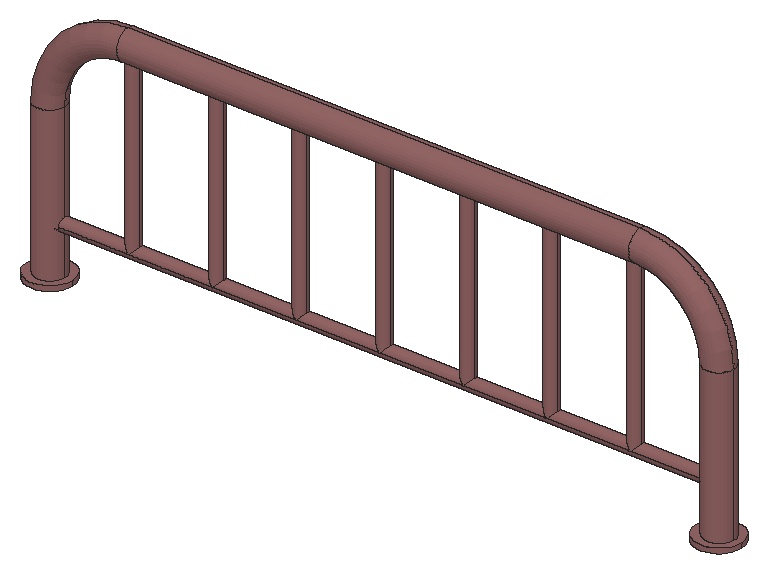
Revit family
Parameters (values of type "2590mm")
  Material = Metal - Paint Finish - Indian Red, Matte
Reference planes
  plane 1 "Center (Front/Back)": y = 0
  plane 2: z = 0
  plane 3 "Center (Left/Right)": x = 483.391
  plane 4: x = -812.009
  plane 5: x = 1778.791
  plane 6: z = 914.4
  plane 7: z = 203.2
  plane 8: x = -488.159
  plane 9: x = -164.309
  plane 10: x = 159.541
  plane 11: x = 807.241
  plane 12: x = 1131.091
  plane 13: x = 1454.941
Forms (mm)
  Sweep 1, solid, material "Metal - Paint Finish - Indian Red, Matte" <- "Material"
    path origin (0, 0, 0) x (1, 0, 0) y (0, 0, 1)
      loop
        line (-812.009, 0) -> (-812.009, 609.6)
        arc (-812.009, 609.6) -> (-722.736, 825.126) -> (-507.209, 914.4) r 304.8
        line (-507.209, 914.4) -> (1473.991, 914.4)
        arc (1473.991, 914.4) -> (1689.517, 825.126) -> (1778.791, 609.6) r 304.8
        line (1778.791, 609.6) -> (1778.791, 0)
    profile origin (0, 0, 304.8) x (-1, 0, 0) y (0, -1, 0)
      loop
        circle (812.009, 0) r 57.15
  Extrusion 2, solid, material "Metal - Paint Finish - Indian Red, Matte" <- "Material"
    sketch origin (0, 0, 0) x (1, 0, 0) y (0, 1, 0)
      loop
        circle (-812.009, 0) r 88.9
      loop
        circle (1778.791, 0) r 88.9
    from 0 to 19.05
  Extrusion 3, solid, material "Metal - Paint Finish - Indian Red, Matte" <- "Material"
    sketch origin (483.391, 0, 0) x (0, 1, 0) y (0, 0, 1)
      loop
        circle (0, 203.2) r 25.4
    from -1295.4 to 1295.4
  Extrusion 4, solid, material "Metal - Paint Finish - Indian Red, Matte" <- "Material"
    sketch origin (0, 0, 0) x (1, 0, 0) y (0, 1, 0)
      loop
        circle (-488.159, 0) r 25.4
      loop
        circle (-164.309, 0) r 25.4
      loop
        circle (159.541, 0) r 25.4
      loop
        circle (483.391, 0) r 25.4
      loop
        circle (807.241, 0) r 25.4
      loop
        circle (1131.091, 0) r 25.4
      loop
        circle (1454.941, 0) r 25.4
    from 203.2 to 914.4
Lines and regions (mm)
  symbolic lines, style "Site Accessories"
    curve 1: line (1778.791, 57.15, 0) -> (-812.009, 57.15, 0)
    curve 2: line (-812.009, -57.15, 0) -> (1778.791, -57.15, 0)
    curve 3: arc (1778.791, -57.15, 0) -> (1835.941, 0, 0) -> (1778.791, 57.15, 0) r 57.15
    curve 4: arc (-812.009, 57.15, 0) -> (-869.159, 0, 0) -> (-812.009, -57.15, 0) r 57.15
    curve 5: arc (-743.913, 57.15, 0) -> (-900.909, 0, 0) -> (-743.913, -57.15, 0) r 88.9
    curve 6: arc (1710.694, 57.15, 0) -> (1867.691, 0, 0) -> (1710.694, -57.15, 0) r 88.9
Dimensions and locks
  plane 4 to plane 5 = 2590.8 mm
  equal spacing: plane 4, plane 3 "Center (Left/Right)", plane 5
  aligned and locked: Extrusion 3 to plane 5
  aligned and locked: plane 4 to Extrusion 3
  aligned and locked: Extrusion 4 to plane 6
